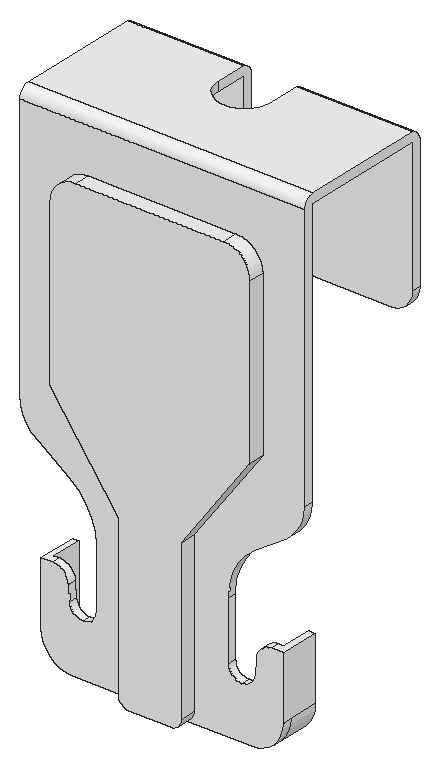
Revit family "clip_cs25", category 機械設備, Revit 2022
Family settings
  丸型コネクタ寸法 = 直径を使用
  種別 = なし
  パーツ タイプ = 標準
  作業面ベース = いいえ
  常に垂直 = はい
  ロード時にボイドで切り取り = いいえ
  注釈の向きを維持 = いいえ
  共有 = いいえ
  部屋計算ポイント = いいえ
Parameters
  製造元 = "株式会社桐井製作所"
  既定の高さ = 0 mm
  URL = "https://www.kirii.co.jp/"
  K_材質 = "SGCC　一般用"
  K_品名 = "CS-25用クリップ"
  K_名称 = "クリップ"
  K_単位質量(kg/個) = 0.012
  K_入数 = "1000"
  K_バージョン情報 = "20210524"
  K_めっき付着量 = "Z12"
  K_JIS規格 = "JIS G 3302"
  K_JIS外 [instance] = not(K_JIS)  # no
  K_JIS [instance] = yes
Reference planes
  plane 1 "中心(正面/背面)": y = 0
  plane 2: z = 0
  plane 3 "中心(左/右)": x = 0
Forms (mm)
  Extrusion 1, solid
    sketch origin (0, 0, 0) x (1, 0, 0) y (0, 0, 1)
      loop
        line (-9.5, 25) -> (-3, 16) -> (-3, 1)
        arc (-3, 1) -> (-2.707, 0.293) -> (-2, 0) r 1
        line (-2, 0) -> (2, 0)
        arc (2, 0) -> (2.707, 0.293) -> (3, 1) r 1
        line (3, 1) -> (3, 16) -> (9.5, 25) -> (9.5, 40.5)
        arc (9.5, 40.5) -> (8.768, 42.268) -> (7, 43) r 2.5
        line (7, 43) -> (-7, 43)
        arc (-7, 43) -> (-8.768, 42.268) -> (-9.5, 40.5) r 2.5
        line (-9.5, 40.5) -> (-9.5, 25)
    from -1.47 to 0
  Extrusion 2, solid
    sketch origin (0, 0, 0) x (1, 0, 0) y (0, 0, 1)
      loop
        line (-10.9, 10.122) -> (-11.5, 9.6) -> (-11.5, 3)
        arc (-11.5, 3) -> (-10.621, 0.879) -> (-8.5, 0) r 3
        line (-8.5, 0) -> (8.5, 0)
        arc (8.5, 0) -> (10.621, 0.879) -> (11.5, 3) r 3
        line (11.5, 3) -> (11.5, 9.6) -> (10.9, 10.122) -> (10.9, 3)
        arc (10.9, 3) -> (10.197, 1.303) -> (8.5, 0.6) r 2.4
        line (8.5, 0.6) -> (-8.5, 0.6)
        arc (-8.5, 0.6) -> (-10.197, 1.303) -> (-10.9, 3) r 2.4
        line (-10.9, 3) -> (-10.9, 10.122)
    from -5.17 to -1.8
  Extrusion 3, void
    sketch origin (0, 0, 0) x (1, 0, 0) y (0, 0, 1)
      loop
        line (-13.5, 22.1) -> (-13.5, 0) -> (-8.5, 0)
        arc (-8.5, 0) -> (-10.621, 0.879) -> (-11.5, 3) r 3
        line (-11.5, 3) -> (-11.5, 9) -> (-10.409, 9)
        arc (-10.409, 9) -> (-9.382, 8.593) -> (-8.912, 7.594) r 1.5
        line (-8.912, 7.594) -> (-8.823, 6.172)
        arc (-8.823, 6.172) -> (-8.418, 5.326) -> (-7.538, 5.001) r 1.25
        arc (-7.538, 5.001) -> (-6.63, 5.353) -> (-6.25, 6.25) r 1.25
        line (-6.25, 6.25) -> (-6.25, 11.849)
        arc (-6.25, 11.849) -> (-6.938, 14.639) -> (-8.844, 16.789) r 6
        line (-8.844, 16.789) -> (-11.771, 18.808)
        arc (-11.771, 18.808) -> (-13.041, 20.241) -> (-13.5, 22.1) r 4
      loop
        arc (13.5, 22.1) -> (13.041, 20.241) -> (11.771, 18.808) r 4
        line (11.771, 18.808) -> (8.844, 16.789)
        arc (8.844, 16.789) -> (6.938, 14.639) -> (6.25, 11.849) r 6
        line (6.25, 11.849) -> (6.25, 6.25)
        arc (6.25, 6.25) -> (6.63, 5.353) -> (7.538, 5.001) r 1.25
        arc (7.538, 5.001) -> (8.418, 5.326) -> (8.823, 6.172) r 1.25
        line (8.823, 6.172) -> (8.912, 7.594)
        arc (8.912, 7.594) -> (9.382, 8.593) -> (10.409, 9) r 1.5
        line (10.409, 9) -> (11.5, 9) -> (11.5, 3)
        arc (11.5, 3) -> (10.621, 0.879) -> (8.5, 0) r 3
        line (8.5, 0) -> (13.5, 0) -> (13.5, 22.1)
    from -5.17 to 0
  Extrusion 4, void
    sketch origin (0, 0, 0) x (1, 0, 0) y (0, 1, 0)
      loop
        line (-2.5, 15.07) -> (-2.5, 11.2)
        arc (-2.5, 11.2) -> (-1.768, 9.432) -> (0, 8.7) r 2.5
        arc (0, 8.7) -> (1.768, 9.432) -> (2.5, 11.2) r 2.5
        line (2.5, 11.2) -> (2.5, 15.07) -> (-2.5, 15.07)
    from 32.8 to 48.3
  Extrusion 5, solid
    sketch origin (0, 30, 0) x (0, 1, 0) y (0, 0, 1)
      loop
        line (-27.73, 47.5) -> (-15.73, 47.5) -> (-15.73, 32.8) -> (-14.93, 32.8) -> (-14.93, 47.492)
        arc (-14.93, 47.492) -> (-15.207, 48.023) -> (-15.738, 48.3) r 1
        line (-15.738, 48.3) -> (-27.53, 48.3)
        arc (-27.53, 48.3) -> (-28.237, 48.007) -> (-28.53, 47.3) r 1
        line (-28.53, 47.3) -> (-28.53, 0) -> (-27.73, 0) -> (-27.73, 47.5)
    from -13.5 to 13.5
  Extrusion 6, void
    sketch origin (0, -19.099, 61.1) x (1, 0, 0) y (0, 0, -1)
      loop
        arc (2.5, 26.3) -> (3.086, 27.714) -> (4.5, 28.3) r 2
        line (4.5, 28.3) -> (11.5, 28.3)
        arc (11.5, 28.3) -> (12.914, 27.714) -> (13.5, 26.3) r 2
        line (13.5, 26.3) -> (13.5, 29.099) -> (2.5, 29.099) -> (2.5, 26.3)
      loop
        arc (-13.5, 26.3) -> (-12.914, 27.714) -> (-11.5, 28.3) r 2
        line (-11.5, 28.3) -> (-4.5, 28.3)
        arc (-4.5, 28.3) -> (-3.086, 27.714) -> (-2.5, 26.3) r 2
        line (-2.5, 26.3) -> (-2.5, 28.858) -> (-13.5, 28.858) -> (-13.5, 26.3)
    from 32.753 to 34.689
Cuts and joins
  Extrusion 4 cuts Extrusion 1
  Extrusion 3, Extrusion 4 cuts Extrusion 2
  Extrusion 3, Extrusion 4, Extrusion 6 cuts Extrusion 5
  joined: Extrusion 1, Extrusion 2, Extrusion 5
Dimensions and locks
  aligned and locked: level to plane 2
